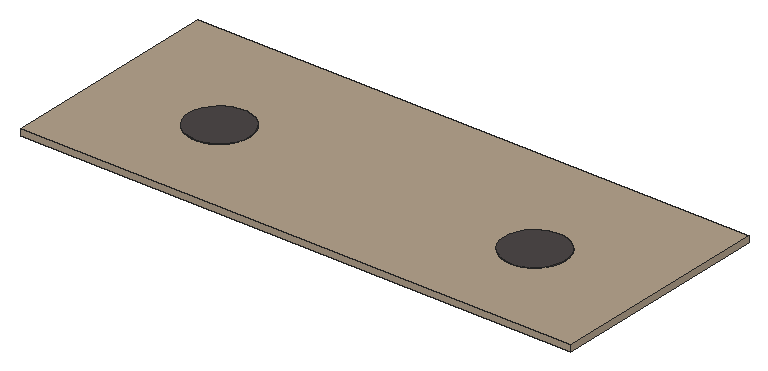
Revit family "console with 2 cutout for bowl without tap hole", category Furniture, Revit 2019 (continued)
Definition of nested family "console 1560_550 with 2 cutouts for bowl without tap hole-54119630-dark_walnut-200_content"
  Parameters (values of type "Console 1560_550 with 2 cutouts for bowl without tap hole-54119630-DARK_WALNUT-200_Content")
    NB = "Console 1560/550 with 2 cutouts for bowl without tap hole-54119630-DARK_WALNUT-200"
    NAME = "Xelu Q Console 1560/550 with 2 cutouts for bowl without tap hole"
    Model = "Console 1560/550 with 2 cutouts for bowl without tap hole-54119630-DARK_WALNUT-200"
    Manufacturer = "Hansgrohe"
    MASTERFORMAT = "12 35 30.23 | Bathroom Casework"
    LODLEVEL = "200"
    LINA = "Console 1560/550 with 2 cutouts for bowl without tap hole-54119630-DARK_WALNUT-200"
    LC = 490
    L = 1560
    IFC = "Furnishing element"
    GTINCODE = "4059625457696"
    ETIM = "EC011381 | Bathroom furniture set"
    Default Elevation = 1219.2 mm
    DESIGN = "Germany"
    ContentVisible [instance] = yes
    CATALOG = "Hansgrohe"
    BIMOBJECT = "Sanitary: Compound units"
    BASENUMBER = "Console 1560/550 with 2 cutouts for bowl without tap hole"
    ARTNR = "54119630"
  Reference planes
    plane 1 "Center (Front/Back)": y = 0
    plane 2: z = 0
    plane 3 "Center (Left/Right)": x = 0
  Forms (mm)
    Extrusion 1, solid, visible <- "ContentVisible", detail levels medium+fine
      sketch origin (0, 0, 0.5) x (1, 0, 0) y (0, 1, 0)
        loop
          line (-780, 0) -> (-780, -550) -> (780, -550) -> (780, 0) -> (-780, 0)
      from 0 to 15
    Extrusion 2, solid, visible <- "ContentVisible", detail levels medium+fine
      sketch origin (0, 0, 0) x (1, 0, 0) y (0, 1, 0)
        loop
          circle (490, -297.5) r 75
      from 0 to 16
    Extrusion 3, solid, visible <- "ContentVisible", detail levels medium+fine
      sketch origin (0, 0, 0) x (1, 0, 0) y (0, 1, 0)
        loop
          circle (-490, -297.5) r 75
      from 0 to 16
    Extrusion 4, solid, visible <- "ContentVisible", detail levels coarse
      sketch origin (0, -275, 0) x (1, 0, 0) y (0, 1, 0)
        loop
          line (-780, -275) -> (780, -275) -> (780, 275) -> (-780, 275) -> (-780, -275)
      from 0 to 16
  Dimensions and locks
    aligned and locked: level to plane 2
Definition of nested family "console 1560_550 with 2 cutouts for bowl without tap hole-54119630-dark_walnut-400_content"
  Parameters (values of type "Console 1560_550 with 2 cutouts for bowl without tap hole-54119630-DARK_WALNUT-400_Content")
    WEIGHT = "13.3"
    UNSPSC = "56 | Furniture and Furnishings"
    UNIFORMATII = "E2010 | Fixed Furnishings"
    UNICLASS2015 = "Pr_40_20_76_94 | Vanity units"
    SURFACE = "DARK_WALNUT"
    SPECIFICATION = "Surfaces:    - 54119050 High Gloss White  - 54119910 Diamond Matt Grey  - 54119230 Natural Oak  - 54119630 Dark Walnut      Specification:"
    REGIONSET = "Worldwide"
    R = 75
    PRODUCTURL = "https://pro.hansgrohe.com/articledetail--54119050"
    PRODUCTGROUP = "console"
    PRODUCTFAMILY = "Xelu Q"
    PERMALINK = "54119XXX"
    OMNICLASS = "23-19 31 17 11 | Bathroom Units"
    OBJECTTYPE = "Object (single object)"
    NN = "Console with 2 cutout for bowl without tap hole"
    NBSYN = "$BASENUMBER.-$ARTNR.-$SURFACE.-$LODLEVEL."
    NB = "Console 1560/550 with 2 cutouts for bowl without tap hole-54119630-DARK_WALNUT-400"
    NAME = "Xelu Q Console 1560/550 with 2 cutouts for bowl without tap hole"
    Model = "Console 1560/550 with 2 cutouts for bowl without tap hole-54119630-DARK_WALNUT-400"
    Manufacturer = "Hansgrohe"
    MASTERFORMAT = "12 35 30.23 | Bathroom Casework"
    LODLEVEL = "400"
    LINA = "Console 1560/550 with 2 cutouts for bowl without tap hole-54119630-DARK_WALNUT-400"
    LC = 490
    L = 1560
    IFC = "Furnishing element"
    GTINCODE = "4059625457696"
    ETIM = "EC011381 | Bathroom furniture set"
    Default Elevation = 1219.2 mm
    DESIGN = "Germany"
    ContentVisible [instance] = yes
    CATALOG = "Hansgrohe"
    BIMOBJECT = "Sanitary: Compound units"
    BASENUMBER = "Console 1560/550 with 2 cutouts for bowl without tap hole"
    ARTNR = "54119630"
  Reference planes
    plane 1 "Center (Front/Back)": y = 0
    plane 2: z = 0
    plane 3 "Center (Left/Right)": x = 0
  Forms (mm)
    Extrusion 1, solid, visible <- "ContentVisible", detail levels medium+fine
      sketch origin (0, 0, 0) x (1, 0, 0) y (0, 1, 0)
        loop
          line (-780, 0) -> (-780, -297.5) -> (-662, -297.5) -> (-662, -260)
          arc (-662, -260) -> (-655, -253) -> (-648, -260) r 7
          line (-648, -260) -> (-648, -297.5) -> (-565, -297.5)
          arc (-565, -297.5) -> (-490, -222.5) -> (-415, -297.5) r 75
          line (-415, -297.5) -> (-332, -297.5) -> (-332, -260)
          arc (-332, -260) -> (-325, -253) -> (-318, -260) r 7
          line (-318, -260) -> (-318, -297.5) -> (318, -297.5) -> (318, -260)
          arc (318, -260) -> (325, -253) -> (332, -260) r 7
          line (332, -260) -> (332, -297.5) -> (415, -297.5)
          arc (415, -297.5) -> (490, -222.5) -> (565, -297.5) r 75
          line (565, -297.5) -> (648, -297.5) -> (648, -260)
          arc (648, -260) -> (655, -253) -> (662, -260) r 7
          line (662, -260) -> (662, -297.5) -> (780, -297.5) -> (780, 0) -> (-780, 0)
      from 0 to 16
    Extrusion 2, solid, visible <- "ContentVisible", detail levels medium+fine
      sketch origin (0, 0, 0) x (1, 0, 0) y (0, 1, 0)
        loop
          line (-780, -297.5) -> (-780, -532)
          arc (-780, -532) -> (-774.728, -544.728) -> (-762, -550) r 18
          line (-762, -550) -> (762, -550)
          arc (762, -550) -> (774.728, -544.728) -> (780, -532) r 18
          line (780, -532) -> (780, -297.5) -> (662, -297.5) -> (662, -335)
          arc (662, -335) -> (655, -342) -> (648, -335) r 7
          line (648, -335) -> (648, -297.5) -> (565, -297.5)
          arc (565, -297.5) -> (490, -372.5) -> (415, -297.5) r 75
          line (415, -297.5) -> (332, -297.5) -> (332, -335)
          arc (332, -335) -> (325, -342) -> (318, -335) r 7
          line (318, -335) -> (318, -297.5) -> (-318, -297.5) -> (-318, -335)
          arc (-318, -335) -> (-325, -342) -> (-332, -335) r 7
          line (-332, -335) -> (-332, -297.5) -> (-415, -297.5)
          arc (-415, -297.5) -> (-490, -372.5) -> (-565, -297.5) r 75
          line (-565, -297.5) -> (-648, -297.5) -> (-648, -335)
          arc (-648, -335) -> (-655, -342) -> (-662, -335) r 7
          line (-662, -335) -> (-662, -297.5) -> (-780, -297.5)
      from 0 to 16
    Extrusion 3, solid, visible <- "ContentVisible", detail levels coarse
      sketch origin (0, -275, 0) x (1, 0, 0) y (0, 1, 0)
        loop
          line (-780, -275) -> (780, -275) -> (780, 275) -> (-780, 275) -> (-780, -275)
      from 0 to 16
  Dimensions and locks
    aligned and locked: level to plane 2
Definition of nested family "console 1560_550 with 2 cutouts for bowl without tap hole-54119910-diamond_grey-200_content"
  Parameters (values of type "Console 1560_550 with 2 cutouts for bowl without tap hole-54119910-DIAMOND_GREY-200_Content")
    WEIGHT = "13.3"
    UNSPSC = "56 | Furniture and Furnishings"
    UNIFORMATII = "E2010 | Fixed Furnishings"
    UNICLASS2015 = "Pr_40_20_76_94 | Vanity units"
    SURFACE = "DIAMOND_GREY"
    SPECIFICATION = "Surfaces:    - 54119050 High Gloss White  - 54119910 Diamond Matt Grey  - 54119230 Natural Oak  - 54119630 Dark Walnut      Specification:"
    REGIONSET = "Worldwide"
    R = 75
    PRODUCTURL = "https://pro.hansgrohe.com/articledetail--54119050"
    PRODUCTGROUP = "console"
    PRODUCTFAMILY = "Xelu Q"
    PERMALINK = "54119XXX"
    OMNICLASS = "23-19 31 17 11 | Bathroom Units"
    OBJECTTYPE = "Object (single object)"
    NN = "Console with 2 cutout for bowl without tap hole"
    NBSYN = "$BASENUMBER.-$ARTNR.-$SURFACE.-$LODLEVEL."
    NB = "Console 1560/550 with 2 cutouts for bowl without tap hole-54119910-DIAMOND_GREY-200"
    NAME = "Xelu Q Console 1560/550 with 2 cutouts for bowl without tap hole"
    Model = "Console 1560/550 with 2 cutouts for bowl without tap hole-54119910-DIAMOND_GREY-200"
    Manufacturer = "Hansgrohe"
    MASTERFORMAT = "12 35 30.23 | Bathroom Casework"
    LODLEVEL = "200"
    LINA = "Console 1560/550 with 2 cutouts for bowl without tap hole-54119910-DIAMOND_GREY-200"
    LC = 490
    L = 1560
    IFC = "Furnishing element"
    GTINCODE = "4059625457696"
    ETIM = "EC011381 | Bathroom furniture set"
    Default Elevation = 1219.2 mm
    DESIGN = "Germany"
    ContentVisible [instance] = yes
    CATALOG = "Hansgrohe"
    BIMOBJECT = "Sanitary: Compound units"
    BASENUMBER = "Console 1560/550 with 2 cutouts for bowl without tap hole"
    ARTNR = "54119910"
  Reference planes
    plane 1 "Center (Front/Back)": y = 0
    plane 2: z = 0
    plane 3 "Center (Left/Right)": x = 0
  Forms (mm)
    Extrusion 1, solid, visible <- "ContentVisible", detail levels medium+fine
      sketch origin (0, 0, 0.5) x (1, 0, 0) y (0, 1, 0)
        loop
          line (-780, 0) -> (-780, -550) -> (780, -550) -> (780, 0) -> (-780, 0)
      from 0 to 15
    Extrusion 2, solid, visible <- "ContentVisible", detail levels medium+fine
      sketch origin (0, 0, 0) x (1, 0, 0) y (0, 1, 0)
        loop
          circle (490, -297.5) r 75
      from 0 to 16
    Extrusion 3, solid, visible <- "ContentVisible", detail levels medium+fine
      sketch origin (0, 0, 0) x (1, 0, 0) y (0, 1, 0)
        loop
          circle (-490, -297.5) r 75
      from 0 to 16
    Extrusion 4, solid, visible <- "ContentVisible", detail levels coarse
      sketch origin (0, -275, 0) x (1, 0, 0) y (0, 1, 0)
        loop
          line (-780, -275) -> (780, -275) -> (780, 275) -> (-780, 275) -> (-780, -275)
      from 0 to 16
  Dimensions and locks
    aligned and locked: level to plane 2
Definition of nested family "console 1560_550 with 2 cutouts for bowl without tap hole-54119910-diamond_grey-400_content"
  Parameters (values of type "Console 1560_550 with 2 cutouts for bowl without tap hole-54119910-DIAMOND_GREY-400_Content")
    WEIGHT = "13.3"
    UNSPSC = "56 | Furniture and Furnishings"
    UNIFORMATII = "E2010 | Fixed Furnishings"
    UNICLASS2015 = "Pr_40_20_76_94 | Vanity units"
    SURFACE = "DIAMOND_GREY"
    SPECIFICATION = "Surfaces:    - 54119050 High Gloss White  - 54119910 Diamond Matt Grey  - 54119230 Natural Oak  - 54119630 Dark Walnut      Specification:"
    REGIONSET = "Worldwide"
    R = 75
    PRODUCTURL = "https://pro.hansgrohe.com/articledetail--54119050"
    PRODUCTGROUP = "console"
    PRODUCTFAMILY = "Xelu Q"
    PERMALINK = "54119XXX"
    OMNICLASS = "23-19 31 17 11 | Bathroom Units"
    OBJECTTYPE = "Object (single object)"
    NN = "Console with 2 cutout for bowl without tap hole"
    NBSYN = "$BASENUMBER.-$ARTNR.-$SURFACE.-$LODLEVEL."
    NB = "Console 1560/550 with 2 cutouts for bowl without tap hole-54119910-DIAMOND_GREY-400"
    NAME = "Xelu Q Console 1560/550 with 2 cutouts for bowl without tap hole"
    Model = "Console 1560/550 with 2 cutouts for bowl without tap hole-54119910-DIAMOND_GREY-400"
    Manufacturer = "Hansgrohe"
    MASTERFORMAT = "12 35 30.23 | Bathroom Casework"
    LODLEVEL = "400"
    LINA = "Console 1560/550 with 2 cutouts for bowl without tap hole-54119910-DIAMOND_GREY-400"
    LC = 490
    L = 1560
    IFC = "Furnishing element"
    GTINCODE = "4059625457696"
    ETIM = "EC011381 | Bathroom furniture set"
    Default Elevation = 1219.2 mm
    DESIGN = "Germany"
    ContentVisible [instance] = yes
    CATALOG = "Hansgrohe"
    BIMOBJECT = "Sanitary: Compound units"
    BASENUMBER = "Console 1560/550 with 2 cutouts for bowl without tap hole"
    ARTNR = "54119910"
  Reference planes
    plane 1 "Center (Front/Back)": y = 0
    plane 2: z = 0
    plane 3 "Center (Left/Right)": x = 0
  Forms (mm)
    Extrusion 1, solid, visible <- "ContentVisible", detail levels medium+fine
      sketch origin (0, 0, 0) x (1, 0, 0) y (0, 1, 0)
        loop
          line (-780, 0) -> (-780, -297.5) -> (-662, -297.5) -> (-662, -260)
          arc (-662, -260) -> (-655, -253) -> (-648, -260) r 7
          line (-648, -260) -> (-648, -297.5) -> (-565, -297.5)
          arc (-565, -297.5) -> (-490, -222.5) -> (-415, -297.5) r 75
          line (-415, -297.5) -> (-332, -297.5) -> (-332, -260)
          arc (-332, -260) -> (-325, -253) -> (-318, -260) r 7
          line (-318, -260) -> (-318, -297.5) -> (318, -297.5) -> (318, -260)
          arc (318, -260) -> (325, -253) -> (332, -260) r 7
          line (332, -260) -> (332, -297.5) -> (415, -297.5)
          arc (415, -297.5) -> (490, -222.5) -> (565, -297.5) r 75
          line (565, -297.5) -> (648, -297.5) -> (648, -260)
          arc (648, -260) -> (655, -253) -> (662, -260) r 7
          line (662, -260) -> (662, -297.5) -> (780, -297.5) -> (780, 0) -> (-780, 0)
      from 0 to 16
    Extrusion 2, solid, visible <- "ContentVisible", detail levels medium+fine
      sketch origin (0, 0, 0) x (1, 0, 0) y (0, 1, 0)
        loop
          line (-780, -297.5) -> (-780, -532)
          arc (-780, -532) -> (-774.728, -544.728) -> (-762, -550) r 18
          line (-762, -550) -> (762, -550)
          arc (762, -550) -> (774.728, -544.728) -> (780, -532) r 18
          line (780, -532) -> (780, -297.5) -> (662, -297.5) -> (662, -335)
          arc (662, -335) -> (655, -342) -> (648, -335) r 7
          line (648, -335) -> (648, -297.5) -> (565, -297.5)
          arc (565, -297.5) -> (490, -372.5) -> (415, -297.5) r 75
          line (415, -297.5) -> (332, -297.5) -> (332, -335)
          arc (332, -335) -> (325, -342) -> (318, -335) r 7
          line (318, -335) -> (318, -297.5) -> (-318, -297.5) -> (-318, -335)
          arc (-318, -335) -> (-325, -342) -> (-332, -335) r 7
          line (-332, -335) -> (-332, -297.5) -> (-415, -297.5)
          arc (-415, -297.5) -> (-490, -372.5) -> (-565, -297.5) r 75
          line (-565, -297.5) -> (-648, -297.5) -> (-648, -335)
          arc (-648, -335) -> (-655, -342) -> (-662, -335) r 7
          line (-662, -335) -> (-662, -297.5) -> (-780, -297.5)
      from 0 to 16
    Extrusion 3, solid, visible <- "ContentVisible", detail levels coarse
      sketch origin (0, -275, 0) x (1, 0, 0) y (0, 1, 0)
        loop
          line (-780, -275) -> (780, -275) -> (780, 275) -> (-780, 275) -> (-780, -275)
      from 0 to 16
  Dimensions and locks
    aligned and locked: level to plane 2
Types (16, lengths in mm): name | WEIGHT | SURFACE | SPECIFICATION | PRODUCTURL | PERMALINK | NB | NAME | Model | MIdent | LODLEVEL | LINA | LC | L | GTINCODE | Console 1560_550 with 2 cutouts for bowl without tap hole-54119910-DIAMOND_GREY-400_RX0RY0RZ0TX0TY0TZ0_V | Console 1560_550 with 2 cutouts for bowl without tap hole-54119910-DIAMOND_GREY-200_RX0RY0RZ0TX0TY0TZ0_V | Console 1560_550 with 2 cutouts for bowl without tap hole-54119630-DARK_WALNUT-400_RX0RY0RZ0TX0TY0TZ0_V | Console 1560_550 with 2 cutouts for bowl without tap hole-54119630-DARK_WALNUT-200_RX0RY0RZ0TX0TY0TZ0_V | Console 1560_550 with 2 cutouts for bowl without tap hole-54119230-NATURAL_OAK-400_RX0RY0RZ0TX0TY0TZ0_V | Console 1560_550 with 2 cutouts for bowl without tap hole-54119230-NATURAL_OAK-200_RX0RY0RZ0TX0TY0TZ0_V | Console 1560_550 with 2 cutouts for bowl without tap hole-54119050-GLOSSY_WHITE-400_RX0RY0RZ0TX0TY0TZ0_V | Console 1560_550 with 2 cutouts for bowl without tap hole-54119050-GLOSSY_WHITE-200_RX0RY0RZ0TX0TY0TZ0_V | Console 1360_550 with 2 cutouts for bowl without tap hole-54118910-DIAMOND_GREY-400_RX0RY0RZ0TX0TY0TZ0_V | Console 1360_550 with 2 cutouts for bowl without tap hole-54118910-DIAMOND_GREY-200_RX0RY0RZ0TX0TY0TZ0_V | Console 1360_550 with 2 cutouts for bowl without tap hole-54118630-DARK_WALNUT-400_RX0RY0RZ0TX0TY0TZ0_V | Console 1360_550 with 2 cutouts for bowl without tap hole-54118630-DARK_WALNUT-200_RX0RY0RZ0TX0TY0TZ0_V | Console 1360_550 with 2 cutouts for bowl without tap hole-54118230-NATURAL_OAK-400_RX0RY0RZ0TX0TY0TZ0_V | Console 1360_550 with 2 cutouts for bowl without tap hole-54118230-NATURAL_OAK-200_RX0RY0RZ0TX0TY0TZ0_V | Console 1360_550 with 2 cutouts for bowl without tap hole-54118050-GLOSSY_WHITE-400_RX0RY0RZ0TX0TY0TZ0_V | Console 1360_550 with 2 cutouts for bowl without tap hole-54118050-GLOSSY_WHITE-200_RX0RY0RZ0TX0TY0TZ0_V | BASENUMBER | ARTNR
  Console 1360_550 with 2 cutouts for bowl without tap hole-54118050-GLOSSY_WHITE-200 | "12" | "GLOSSY_WHITE" | "Surfaces:    - 54118050 High Gloss White  - 54118910 Diamond Matt Grey  - 54118230 Natural Oak  - 54118630 Dark Walnut      Specification:" | "https://pro.hansgrohe.com/articledetail--54118050" | "54118XXX" | "Console 1360/550 with 2 cutouts for bowl without tap hole-54118050-GLOSSY_WHITE-200" | "Xelu Q Console 1360/550 with 2 cutouts for bowl without tap hole" | "Console 1360/550 with 2 cutouts for bowl without tap hole-54118050-GLOSSY_WHITE-200" | "{$CADENAS_DATA/23d-libs/hansgrohe/xelu_furniture/console_with_cutout_for_bowl_without_tap_hole/console_with_2_cutout_for_bowl_without_taphole.prj},355 {VTYP=3D},{NB=Console 1360/550 with 2 cutouts for bowl without tap hole-54118050-GLOSSY_WHITE-200},{LINA=Console 1360/550 with 2 cutouts for bowl without tap hole-54118050-GLOSSY_WHITE-200},{NN=Console with 2 cutout for bowl without tap hole},{DATE=10.03.2023 08:15:32},{GEOMDATE=08.03.2023 13:15:05},{VERSION=},{LINEID=10},{WBVAR=LODLEVEL},{WBNUMERIC=}  {NB=Console 1360/550 with 2 cutouts for bowl without tap hole-54118050-GLOSSY_WHITE-200},{LINA=Console 1360/550 with 2 cutouts for bowl without tap hole-54118050-GLOSSY_WHITE-200},{KT=DUMMY},{IDNR=1},{ARTNR=54118050},{BASENUMBER=Console 1360/550 with 2 cutouts for bowl without tap hole},{MODEL=54118XXX},{SURFACE=GLOSSY_WHITE},{L=1360},{LODLEVEL=200},{LODLEVELX='400','400','200','200'},{R=75},{LC=390},{NAME=Xelu Q Console 1360/550 with 2 cutouts for bowl without tap hole},{PERMALINK=54118XXX},{OBJECTTYPE=Object (single object)},{BIMOBJECT=Sanitary: Compound units},{PRODUCTFAMILY=Xelu Q},{PRODUCTGROUP=console},{WEIGHT=12},{DESCRIPTION=Xelu Q Console 1360/550 with 2 cutouts for bowl without tap hole},{SPECIFICATION=Surfaces:    - 54118050 High Gloss White  - 54118910 Diamond Matt Grey  - 54118230 Natural Oak  - 54118630 Dark Walnut      Specification:},{PRODUCTURL=https://pro.hansgrohe.com/articledetail--54118050},{GTINCODE=4059625457733},{TENDERURL=},{IFC=Furnishing element},{ETIM=EC011381 | Bathroom furniture set},{UNICLASS2015=Pr_40_20_76_94 | Vanity units},{OMNICLASS=23-19 31 17 11 | Bathroom Units},{MASTERFORMAT=12 35 30.23 | Bathroom Casework},{UNSPSC=56 | Furniture and Furnishings},{UNIFORMATII=E2010 | Fixed Furnishings},{REGIONSET=Worldwide},{DESIGN=Germany},{MANUFACTURER=Germany}" | "200" | "Console 1360/550 with 2 cutouts for bowl without tap hole-54118050-GLOSSY_WHITE-200" | 390 | 1360 | "4059625457733" | no | no | no | no | no | no | no | no | no | no | no | no | no | no | no | yes | "Console 1360/550 with 2 cutouts for bowl without tap hole" | "54118050"
  Console 1360_550 with 2 cutouts for bowl without tap hole-54118050-GLOSSY_WHITE-400 | "12" | "GLOSSY_WHITE" | "Surfaces:    - 54118050 High Gloss White  - 54118910 Diamond Matt Grey  - 54118230 Natural Oak  - 54118630 Dark Walnut      Specification:" | "https://pro.hansgrohe.com/articledetail--54118050" | "54118XXX" | "Console 1360/550 with 2 cutouts for bowl without tap hole-54118050-GLOSSY_WHITE-400" | "Xelu Q Console 1360/550 with 2 cutouts for bowl without tap hole" | "Console 1360/550 with 2 cutouts for bowl without tap hole-54118050-GLOSSY_WHITE-400" | "{$CADENAS_DATA/23d-libs/hansgrohe/xelu_furniture/console_with_cutout_for_bowl_without_tap_hole/console_with_2_cutout_for_bowl_without_taphole.prj},355 {VTYP=3D},{NB=Console 1360/550 with 2 cutouts for bowl without tap hole-54118050-GLOSSY_WHITE-400},{LINA=Console 1360/550 with 2 cutouts for bowl without tap hole-54118050-GLOSSY_WHITE-400},{NN=Console with 2 cutout for bowl without tap hole},{DATE=10.03.2023 08:15:32},{GEOMDATE=08.03.2023 13:15:05},{VERSION=},{LINEID=10},{WBVAR=LODLEVEL},{WBNUMERIC=}  {NB=Console 1360/550 with 2 cutouts for bowl without tap hole-54118050-GLOSSY_WHITE-400},{LINA=Console 1360/550 with 2 cutouts for bowl without tap hole-54118050-GLOSSY_WHITE-400},{KT=DUMMY},{IDNR=1},{ARTNR=54118050},{BASENUMBER=Console 1360/550 with 2 cutouts for bowl without tap hole},{MODEL=54118XXX},{SURFACE=GLOSSY_WHITE},{L=1360},{LODLEVEL=400},{LODLEVELX='400','400','200','200'},{R=75},{LC=390},{NAME=Xelu Q Console 1360/550 with 2 cutouts for bowl without tap hole},{PERMALINK=54118XXX},{OBJECTTYPE=Object (single object)},{BIMOBJECT=Sanitary: Compound units},{PRODUCTFAMILY=Xelu Q},{PRODUCTGROUP=console},{WEIGHT=12},{DESCRIPTION=Xelu Q Console 1360/550 with 2 cutouts for bowl without tap hole},{SPECIFICATION=Surfaces:    - 54118050 High Gloss White  - 54118910 Diamond Matt Grey  - 54118230 Natural Oak  - 54118630 Dark Walnut      Specification:},{PRODUCTURL=https://pro.hansgrohe.com/articledetail--54118050},{GTINCODE=4059625457733},{TENDERURL=},{IFC=Furnishing element},{ETIM=EC011381 | Bathroom furniture set},{UNICLASS2015=Pr_40_20_76_94 | Vanity units},{OMNICLASS=23-19 31 17 11 | Bathroom Units},{MASTERFORMAT=12 35 30.23 | Bathroom Casework},{UNSPSC=56 | Furniture and Furnishings},{UNIFORMATII=E2010 | Fixed Furnishings},{REGIONSET=Worldwide},{DESIGN=Germany},{MANUFACTURER=Germany}" | "400" | "Console 1360/550 with 2 cutouts for bowl without tap hole-54118050-GLOSSY_WHITE-400" | 390 | 1360 | "4059625457733" | no | no | no | no | no | no | no | no | no | no | no | no | no | no | yes | no | "Console 1360/550 with 2 cutouts for bowl without tap hole" | "54118050"
  Console 1360_550 with 2 cutouts for bowl without tap hole-54118230-NATURAL_OAK-200 | "12" | "NATURAL_OAK" | "Surfaces:    - 54118050 High Gloss White  - 54118910 Diamond Matt Grey  - 54118230 Natural Oak  - 54118630 Dark Walnut      Specification:" | "https://pro.hansgrohe.com/articledetail--54118050" | "54118XXX" | "Console 1360/550 with 2 cutouts for bowl without tap hole-54118230-NATURAL_OAK-200" | "Xelu Q Console 1360/550 with 2 cutouts for bowl without tap hole" | "Console 1360/550 with 2 cutouts for bowl without tap hole-54118230-NATURAL_OAK-200" | "{$CADENAS_DATA/23d-libs/hansgrohe/xelu_furniture/console_with_cutout_for_bowl_without_tap_hole/console_with_2_cutout_for_bowl_without_taphole.prj},353 {VTYP=3D},{NB=Console 1360/550 with 2 cutouts for bowl without tap hole-54118230-NATURAL_OAK-200},{LINA=Console 1360/550 with 2 cutouts for bowl without tap hole-54118230-NATURAL_OAK-200},{NN=Console with 2 cutout for bowl without tap hole},{DATE=10.03.2023 08:15:32},{GEOMDATE=08.03.2023 13:15:05},{VERSION=},{LINEID=20},{WBVAR=LODLEVEL},{WBNUMERIC=}  {NB=Console 1360/550 with 2 cutouts for bowl without tap hole-54118230-NATURAL_OAK-200},{LINA=Console 1360/550 with 2 cutouts for bowl without tap hole-54118230-NATURAL_OAK-200},{KT=DUMMY},{IDNR=2},{ARTNR=54118230},{BASENUMBER=Console 1360/550 with 2 cutouts for bowl without tap hole},{MODEL=54118XXX},{SURFACE=NATURAL_OAK},{L=1360},{LODLEVEL=200},{LODLEVELX='400','400','200','200'},{R=75},{LC=390},{NAME=Xelu Q Console 1360/550 with 2 cutouts for bowl without tap hole},{PERMALINK=54118XXX},{OBJECTTYPE=Object (single object)},{BIMOBJECT=Sanitary: Compound units},{PRODUCTFAMILY=Xelu Q},{PRODUCTGROUP=console},{WEIGHT=12},{DESCRIPTION=Xelu Q Console 1360/550 with 2 cutouts for bowl without tap hole},{SPECIFICATION=Surfaces:    - 54118050 High Gloss White  - 54118910 Diamond Matt Grey  - 54118230 Natural Oak  - 54118630 Dark Walnut      Specification:},{PRODUCTURL=https://pro.hansgrohe.com/articledetail--54118050},{GTINCODE=4059625457733},{TENDERURL=},{IFC=Furnishing element},{ETIM=EC011381 | Bathroom furniture set},{UNICLASS2015=Pr_40_20_76_94 | Vanity units},{OMNICLASS=23-19 31 17 11 | Bathroom Units},{MASTERFORMAT=12 35 30.23 | Bathroom Casework},{UNSPSC=56 | Furniture and Furnishings},{UNIFORMATII=E2010 | Fixed Furnishings},{REGIONSET=Worldwide},{DESIGN=Germany},{MANUFACTURER=Germany}" | "200" | "Console 1360/550 with 2 cutouts for bowl without tap hole-54118230-NATURAL_OAK-200" | 390 | 1360 | "4059625457733" | no | no | no | no | no | no | no | no | no | no | no | no | no | yes | no | no | "Console 1360/550 with 2 cutouts for bowl without tap hole" | "54118230"
  Console 1360_550 with 2 cutouts for bowl without tap hole-54118230-NATURAL_OAK-400 | "12" | "NATURAL_OAK" | "Surfaces:    - 54118050 High Gloss White  - 54118910 Diamond Matt Grey  - 54118230 Natural Oak  - 54118630 Dark Walnut      Specification:" | "https://pro.hansgrohe.com/articledetail--54118050" | "54118XXX" | "Console 1360/550 with 2 cutouts for bowl without tap hole-54118230-NATURAL_OAK-400" | "Xelu Q Console 1360/550 with 2 cutouts for bowl without tap hole" | "Console 1360/550 with 2 cutouts for bowl without tap hole-54118230-NATURAL_OAK-400" | "{$CADENAS_DATA/23d-libs/hansgrohe/xelu_furniture/console_with_cutout_for_bowl_without_tap_hole/console_with_2_cutout_for_bowl_without_taphole.prj},353 {VTYP=3D},{NB=Console 1360/550 with 2 cutouts for bowl without tap hole-54118230-NATURAL_OAK-400},{LINA=Console 1360/550 with 2 cutouts for bowl without tap hole-54118230-NATURAL_OAK-400},{NN=Console with 2 cutout for bowl without tap hole},{DATE=10.03.2023 08:15:32},{GEOMDATE=08.03.2023 13:15:05},{VERSION=},{LINEID=20},{WBVAR=LODLEVEL},{WBNUMERIC=}  {NB=Console 1360/550 with 2 cutouts for bowl without tap hole-54118230-NATURAL_OAK-400},{LINA=Console 1360/550 with 2 cutouts for bowl without tap hole-54118230-NATURAL_OAK-400},{KT=DUMMY},{IDNR=2},{ARTNR=54118230},{BASENUMBER=Console 1360/550 with 2 cutouts for bowl without tap hole},{MODEL=54118XXX},{SURFACE=NATURAL_OAK},{L=1360},{LODLEVEL=400},{LODLEVELX='400','400','200','200'},{R=75},{LC=390},{NAME=Xelu Q Console 1360/550 with 2 cutouts for bowl without tap hole},{PERMALINK=54118XXX},{OBJECTTYPE=Object (single object)},{BIMOBJECT=Sanitary: Compound units},{PRODUCTFAMILY=Xelu Q},{PRODUCTGROUP=console},{WEIGHT=12},{DESCRIPTION=Xelu Q Console 1360/550 with 2 cutouts for bowl without tap hole},{SPECIFICATION=Surfaces:    - 54118050 High Gloss White  - 54118910 Diamond Matt Grey  - 54118230 Natural Oak  - 54118630 Dark Walnut      Specification:},{PRODUCTURL=https://pro.hansgrohe.com/articledetail--54118050},{GTINCODE=4059625457733},{TENDERURL=},{IFC=Furnishing element},{ETIM=EC011381 | Bathroom furniture set},{UNICLASS2015=Pr_40_20_76_94 | Vanity units},{OMNICLASS=23-19 31 17 11 | Bathroom Units},{MASTERFORMAT=12 35 30.23 | Bathroom Casework},{UNSPSC=56 | Furniture and Furnishings},{UNIFORMATII=E2010 | Fixed Furnishings},{REGIONSET=Worldwide},{DESIGN=Germany},{MANUFACTURER=Germany}" | "400" | "Console 1360/550 with 2 cutouts for bowl without tap hole-54118230-NATURAL_OAK-400" | 390 | 1360 | "4059625457733" | no | no | no | no | no | no | no | no | no | no | no | no | yes | no | no | no | "Console 1360/550 with 2 cutouts for bowl without tap hole" | "54118230"
  Console 1360_550 with 2 cutouts for bowl without tap hole-54118630-DARK_WALNUT-200 | "12" | "DARK_WALNUT" | "Surfaces:    - 54118050 High Gloss White  - 54118910 Diamond Matt Grey  - 54118230 Natural Oak  - 54118630 Dark Walnut      Specification:" | "https://pro.hansgrohe.com/articledetail--54118050" | "54118XXX" | "Console 1360/550 with 2 cutouts for bowl without tap hole-54118630-DARK_WALNUT-200" | "Xelu Q Console 1360/550 with 2 cutouts for bowl without tap hole" | "Console 1360/550 with 2 cutouts for bowl without tap hole-54118630-DARK_WALNUT-200" | "{$CADENAS_DATA/23d-libs/hansgrohe/xelu_furniture/console_with_cutout_for_bowl_without_tap_hole/console_with_2_cutout_for_bowl_without_taphole.prj},353 {VTYP=3D},{NB=Console 1360/550 with 2 cutouts for bowl without tap hole-54118630-DARK_WALNUT-200},{LINA=Console 1360/550 with 2 cutouts for bowl without tap hole-54118630-DARK_WALNUT-200},{NN=Console with 2 cutout for bowl without tap hole},{DATE=10.03.2023 08:15:32},{GEOMDATE=08.03.2023 13:15:05},{VERSION=},{LINEID=30},{WBVAR=LODLEVEL},{WBNUMERIC=}  {NB=Console 1360/550 with 2 cutouts for bowl without tap hole-54118630-DARK_WALNUT-200},{LINA=Console 1360/550 with 2 cutouts for bowl without tap hole-54118630-DARK_WALNUT-200},{KT=DUMMY},{IDNR=3},{ARTNR=54118630},{BASENUMBER=Console 1360/550 with 2 cutouts for bowl without tap hole},{MODEL=54118XXX},{SURFACE=DARK_WALNUT},{L=1360},{LODLEVEL=200},{LODLEVELX='400','400','200','200'},{R=75},{LC=390},{NAME=Xelu Q Console 1360/550 with 2 cutouts for bowl without tap hole},{PERMALINK=54118XXX},{OBJECTTYPE=Object (single object)},{BIMOBJECT=Sanitary: Compound units},{PRODUCTFAMILY=Xelu Q},{PRODUCTGROUP=console},{WEIGHT=12},{DESCRIPTION=Xelu Q Console 1360/550 with 2 cutouts for bowl without tap hole},{SPECIFICATION=Surfaces:    - 54118050 High Gloss White  - 54118910 Diamond Matt Grey  - 54118230 Natural Oak  - 54118630 Dark Walnut      Specification:},{PRODUCTURL=https://pro.hansgrohe.com/articledetail--54118050},{GTINCODE=4059625457733},{TENDERURL=},{IFC=Furnishing element},{ETIM=EC011381 | Bathroom furniture set},{UNICLASS2015=Pr_40_20_76_94 | Vanity units},{OMNICLASS=23-19 31 17 11 | Bathroom Units},{MASTERFORMAT=12 35 30.23 | Bathroom Casework},{UNSPSC=56 | Furniture and Furnishings},{UNIFORMATII=E2010 | Fixed Furnishings},{REGIONSET=Worldwide},{DESIGN=Germany},{MANUFACTURER=Germany}" | "200" | "Console 1360/550 with 2 cutouts for bowl without tap hole-54118630-DARK_WALNUT-200" | 390 | 1360 | "4059625457733" | no | no | no | no | no | no | no | no | no | no | no | yes | no | no | no | no | "Console 1360/550 with 2 cutouts for bowl without tap hole" | "54118630"
  Console 1360_550 with 2 cutouts for bowl without tap hole-54118630-DARK_WALNUT-400 | "12" | "DARK_WALNUT" | "Surfaces:    - 54118050 High Gloss White  - 54118910 Diamond Matt Grey  - 54118230 Natural Oak  - 54118630 Dark Walnut      Specification:" | "https://pro.hansgrohe.com/articledetail--54118050" | "54118XXX" | "Console 1360/550 with 2 cutouts for bowl without tap hole-54118630-DARK_WALNUT-400" | "Xelu Q Console 1360/550 with 2 cutouts for bowl without tap hole" | "Console 1360/550 with 2 cutouts for bowl without tap hole-54118630-DARK_WALNUT-400" | "{$CADENAS_DATA/23d-libs/hansgrohe/xelu_furniture/console_with_cutout_for_bowl_without_tap_hole/console_with_2_cutout_for_bowl_without_taphole.prj},353 {VTYP=3D},{NB=Console 1360/550 with 2 cutouts for bowl without tap hole-54118630-DARK_WALNUT-400},{LINA=Console 1360/550 with 2 cutouts for bowl without tap hole-54118630-DARK_WALNUT-400},{NN=Console with 2 cutout for bowl without tap hole},{DATE=10.03.2023 08:15:32},{GEOMDATE=08.03.2023 13:15:05},{VERSION=},{LINEID=30},{WBVAR=LODLEVEL},{WBNUMERIC=}  {NB=Console 1360/550 with 2 cutouts for bowl without tap hole-54118630-DARK_WALNUT-400},{LINA=Console 1360/550 with 2 cutouts for bowl without tap hole-54118630-DARK_WALNUT-400},{KT=DUMMY},{IDNR=3},{ARTNR=54118630},{BASENUMBER=Console 1360/550 with 2 cutouts for bowl without tap hole},{MODEL=54118XXX},{SURFACE=DARK_WALNUT},{L=1360},{LODLEVEL=400},{LODLEVELX='400','400','200','200'},{R=75},{LC=390},{NAME=Xelu Q Console 1360/550 with 2 cutouts for bowl without tap hole},{PERMALINK=54118XXX},{OBJECTTYPE=Object (single object)},{BIMOBJECT=Sanitary: Compound units},{PRODUCTFAMILY=Xelu Q},{PRODUCTGROUP=console},{WEIGHT=12},{DESCRIPTION=Xelu Q Console 1360/550 with 2 cutouts for bowl without tap hole},{SPECIFICATION=Surfaces:    - 54118050 High Gloss White  - 54118910 Diamond Matt Grey  - 54118230 Natural Oak  - 54118630 Dark Walnut      Specification:},{PRODUCTURL=https://pro.hansgrohe.com/articledetail--54118050},{GTINCODE=4059625457733},{TENDERURL=},{IFC=Furnishing element},{ETIM=EC011381 | Bathroom furniture set},{UNICLASS2015=Pr_40_20_76_94 | Vanity units},{OMNICLASS=23-19 31 17 11 | Bathroom Units},{MASTERFORMAT=12 35 30.23 | Bathroom Casework},{UNSPSC=56 | Furniture and Furnishings},{UNIFORMATII=E2010 | Fixed Furnishings},{REGIONSET=Worldwide},{DESIGN=Germany},{MANUFACTURER=Germany}" | "400" | "Console 1360/550 with 2 cutouts for bowl without tap hole-54118630-DARK_WALNUT-400" | 390 | 1360 | "4059625457733" | no | no | no | no | no | no | no | no | no | no | yes | no | no | no | no | no | "Console 1360/550 with 2 cutouts for bowl without tap hole" | "54118630"
  Console 1360_550 with 2 cutouts for bowl without tap hole-54118910-DIAMOND_GREY-200 | "12" | "DIAMOND_GREY" | "Surfaces:    - 54118050 High Gloss White  - 54118910 Diamond Matt Grey  - 54118230 Natural Oak  - 54118630 Dark Walnut      Specification:" | "https://pro.hansgrohe.com/articledetail--54118050" | "54118XXX" | "Console 1360/550 with 2 cutouts for bowl without tap hole-54118910-DIAMOND_GREY-200" | "Xelu Q Console 1360/550 with 2 cutouts for bowl without tap hole" | "Console 1360/550 with 2 cutouts for bowl without tap hole-54118910-DIAMOND_GREY-200" | "{$CADENAS_DATA/23d-libs/hansgrohe/xelu_furniture/console_with_cutout_for_bowl_without_tap_hole/console_with_2_cutout_for_bowl_without_taphole.prj},355 {VTYP=3D},{NB=Console 1360/550 with 2 cutouts for bowl without tap hole-54118910-DIAMOND_GREY-200},{LINA=Console 1360/550 with 2 cutouts for bowl without tap hole-54118910-DIAMOND_GREY-200},{NN=Console with 2 cutout for bowl without tap hole},{DATE=10.03.2023 08:15:32},{GEOMDATE=08.03.2023 13:15:05},{VERSION=},{LINEID=40},{WBVAR=LODLEVEL},{WBNUMERIC=}  {NB=Console 1360/550 with 2 cutouts for bowl without tap hole-54118910-DIAMOND_GREY-200},{LINA=Console 1360/550 with 2 cutouts for bowl without tap hole-54118910-DIAMOND_GREY-200},{KT=DUMMY},{IDNR=4},{ARTNR=54118910},{BASENUMBER=Console 1360/550 with 2 cutouts for bowl without tap hole},{MODEL=54118XXX},{SURFACE=DIAMOND_GREY},{L=1360},{LODLEVEL=200},{LODLEVELX='400','400','200','200'},{R=75},{LC=390},{NAME=Xelu Q Console 1360/550 with 2 cutouts for bowl without tap hole},{PERMALINK=54118XXX},{OBJECTTYPE=Object (single object)},{BIMOBJECT=Sanitary: Compound units},{PRODUCTFAMILY=Xelu Q},{PRODUCTGROUP=console},{WEIGHT=12},{DESCRIPTION=Xelu Q Console 1360/550 with 2 cutouts for bowl without tap hole},{SPECIFICATION=Surfaces:    - 54118050 High Gloss White  - 54118910 Diamond Matt Grey  - 54118230 Natural Oak  - 54118630 Dark Walnut      Specification:},{PRODUCTURL=https://pro.hansgrohe.com/articledetail--54118050},{GTINCODE=4059625457733},{TENDERURL=},{IFC=Furnishing element},{ETIM=EC011381 | Bathroom furniture set},{UNICLASS2015=Pr_40_20_76_94 | Vanity units},{OMNICLASS=23-19 31 17 11 | Bathroom Units},{MASTERFORMAT=12 35 30.23 | Bathroom Casework},{UNSPSC=56 | Furniture and Furnishings},{UNIFORMATII=E2010 | Fixed Furnishings},{REGIONSET=Worldwide},{DESIGN=Germany},{MANUFACTURER=Germany}" | "200" | "Console 1360/550 with 2 cutouts for bowl without tap hole-54118910-DIAMOND_GREY-200" | 390 | 1360 | "4059625457733" | no | no | no | no | no | no | no | no | no | yes | no | no | no | no | no | no | "Console 1360/550 with 2 cutouts for bowl without tap hole" | "54118910"
  Console 1360_550 with 2 cutouts for bowl without tap hole-54118910-DIAMOND_GREY-400 | "12" | "DIAMOND_GREY" | "Surfaces:    - 54118050 High Gloss White  - 54118910 Diamond Matt Grey  - 54118230 Natural Oak  - 54118630 Dark Walnut      Specification:" | "https://pro.hansgrohe.com/articledetail--54118050" | "54118XXX" | "Console 1360/550 with 2 cutouts for bowl without tap hole-54118910-DIAMOND_GREY-400" | "Xelu Q Console 1360/550 with 2 cutouts for bowl without tap hole" | "Console 1360/550 with 2 cutouts for bowl without tap hole-54118910-DIAMOND_GREY-400" | "{$CADENAS_DATA/23d-libs/hansgrohe/xelu_furniture/console_with_cutout_for_bowl_without_tap_hole/console_with_2_cutout_for_bowl_without_taphole.prj},355 {VTYP=3D},{NB=Console 1360/550 with 2 cutouts for bowl without tap hole-54118910-DIAMOND_GREY-400},{LINA=Console 1360/550 with 2 cutouts for bowl without tap hole-54118910-DIAMOND_GREY-400},{NN=Console with 2 cutout for bowl without tap hole},{DATE=10.03.2023 08:15:32},{GEOMDATE=08.03.2023 13:15:05},{VERSION=},{LINEID=40},{WBVAR=LODLEVEL},{WBNUMERIC=}  {NB=Console 1360/550 with 2 cutouts for bowl without tap hole-54118910-DIAMOND_GREY-400},{LINA=Console 1360/550 with 2 cutouts for bowl without tap hole-54118910-DIAMOND_GREY-400},{KT=DUMMY},{IDNR=4},{ARTNR=54118910},{BASENUMBER=Console 1360/550 with 2 cutouts for bowl without tap hole},{MODEL=54118XXX},{SURFACE=DIAMOND_GREY},{L=1360},{LODLEVEL=400},{LODLEVELX='400','400','200','200'},{R=75},{LC=390},{NAME=Xelu Q Console 1360/550 with 2 cutouts for bowl without tap hole},{PERMALINK=54118XXX},{OBJECTTYPE=Object (single object)},{BIMOBJECT=Sanitary: Compound units},{PRODUCTFAMILY=Xelu Q},{PRODUCTGROUP=console},{WEIGHT=12},{DESCRIPTION=Xelu Q Console 1360/550 with 2 cutouts for bowl without tap hole},{SPECIFICATION=Surfaces:    - 54118050 High Gloss White  - 54118910 Diamond Matt Grey  - 54118230 Natural Oak  - 54118630 Dark Walnut      Specification:},{PRODUCTURL=https://pro.hansgrohe.com/articledetail--54118050},{GTINCODE=4059625457733},{TENDERURL=},{IFC=Furnishing element},{ETIM=EC011381 | Bathroom furniture set},{UNICLASS2015=Pr_40_20_76_94 | Vanity units},{OMNICLASS=23-19 31 17 11 | Bathroom Units},{MASTERFORMAT=12 35 30.23 | Bathroom Casework},{UNSPSC=56 | Furniture and Furnishings},{UNIFORMATII=E2010 | Fixed Furnishings},{REGIONSET=Worldwide},{DESIGN=Germany},{MANUFACTURER=Germany}" | "400" | "Console 1360/550 with 2 cutouts for bowl without tap hole-54118910-DIAMOND_GREY-400" | 390 | 1360 | "4059625457733" | no | no | no | no | no | no | no | no | yes | no | no | no | no | no | no | no | "Console 1360/550 with 2 cutouts for bowl without tap hole" | "54118910"
  Console 1560_550 with 2 cutouts for bowl without tap hole-54119050-GLOSSY_WHITE-200 | "13.3" | "GLOSSY_WHITE" | "Surfaces:    - 54119050 High Gloss White  - 54119910 Diamond Matt Grey  - 54119230 Natural Oak  - 54119630 Dark Walnut      Specification:" | "https://pro.hansgrohe.com/articledetail--54119050" | "54119XXX" | "Console 1560/550 with 2 cutouts for bowl without tap hole-54119050-GLOSSY_WHITE-200" | "Xelu Q Console 1560/550 with 2 cutouts for bowl without tap hole" | "Console 1560/550 with 2 cutouts for bowl without tap hole-54119050-GLOSSY_WHITE-200" | "{$CADENAS_DATA/23d-libs/hansgrohe/xelu_furniture/console_with_cutout_for_bowl_without_tap_hole/console_with_2_cutout_for_bowl_without_taphole.prj},355 {VTYP=3D},{NB=Console 1560/550 with 2 cutouts for bowl without tap hole-54119050-GLOSSY_WHITE-200},{LINA=Console 1560/550 with 2 cutouts for bowl without tap hole-54119050-GLOSSY_WHITE-200},{NN=Console with 2 cutout for bowl without tap hole},{DATE=10.03.2023 08:15:32},{GEOMDATE=08.03.2023 13:15:05},{VERSION=},{LINEID=70},{WBVAR=LODLEVEL},{WBNUMERIC=}  {NB=Console 1560/550 with 2 cutouts for bowl without tap hole-54119050-GLOSSY_WHITE-200},{LINA=Console 1560/550 with 2 cutouts for bowl without tap hole-54119050-GLOSSY_WHITE-200},{KT=DUMMY},{IDNR=7},{ARTNR=54119050},{BASENUMBER=Console 1560/550 with 2 cutouts for bowl without tap hole},{MODEL=54119XXX},{SURFACE=GLOSSY_WHITE},{L=1560},{LODLEVEL=200},{LODLEVELX='400','400','200','200'},{R=75},{LC=490},{NAME=Xelu Q Console 1560/550 with 2 cutouts for bowl without tap hole},{PERMALINK=54119XXX},{OBJECTTYPE=Object (single object)},{BIMOBJECT=Sanitary: Compound units},{PRODUCTFAMILY=Xelu Q},{PRODUCTGROUP=console},{WEIGHT=13.3},{DESCRIPTION=Xelu Q Console 1560/550 with 2 cutouts for bowl without tap hole},{SPECIFICATION=Surfaces:    - 54119050 High Gloss White  - 54119910 Diamond Matt Grey  - 54119230 Natural Oak  - 54119630 Dark Walnut      Specification:},{PRODUCTURL=https://pro.hansgrohe.com/articledetail--54119050},{GTINCODE=4059625457696},{TENDERURL=},{IFC=Furnishing element},{ETIM=EC011381 | Bathroom furniture set},{UNICLASS2015=Pr_40_20_76_94 | Vanity units},{OMNICLASS=23-19 31 17 11 | Bathroom Units},{MASTERFORMAT=12 35 30.23 | Bathroom Casework},{UNSPSC=56 | Furniture and Furnishings},{UNIFORMATII=E2010 | Fixed Furnishings},{REGIONSET=Worldwide},{DESIGN=Germany},{MANUFACTURER=Germany}" | "200" | "Console 1560/550 with 2 cutouts for bowl without tap hole-54119050-GLOSSY_WHITE-200" | 490 | 1560 | "4059625457696" | no | no | no | no | no | no | no | yes | no | no | no | no | no | no | no | no | "Console 1560/550 with 2 cutouts for bowl without tap hole" | "54119050"
  Console 1560_550 with 2 cutouts for bowl without tap hole-54119050-GLOSSY_WHITE-400 | "13.3" | "GLOSSY_WHITE" | "Surfaces:    - 54119050 High Gloss White  - 54119910 Diamond Matt Grey  - 54119230 Natural Oak  - 54119630 Dark Walnut      Specification:" | "https://pro.hansgrohe.com/articledetail--54119050" | "54119XXX" | "Console 1560/550 with 2 cutouts for bowl without tap hole-54119050-GLOSSY_WHITE-400" | "Xelu Q Console 1560/550 with 2 cutouts for bowl without tap hole" | "Console 1560/550 with 2 cutouts for bowl without tap hole-54119050-GLOSSY_WHITE-400" | "{$CADENAS_DATA/23d-libs/hansgrohe/xelu_furniture/console_with_cutout_for_bowl_without_tap_hole/console_with_2_cutout_for_bowl_without_taphole.prj},355 {VTYP=3D},{NB=Console 1560/550 with 2 cutouts for bowl without tap hole-54119050-GLOSSY_WHITE-400},{LINA=Console 1560/550 with 2 cutouts for bowl without tap hole-54119050-GLOSSY_WHITE-400},{NN=Console with 2 cutout for bowl without tap hole},{DATE=10.03.2023 08:15:32},{GEOMDATE=08.03.2023 13:15:05},{VERSION=},{LINEID=70},{WBVAR=LODLEVEL},{WBNUMERIC=}  {NB=Console 1560/550 with 2 cutouts for bowl without tap hole-54119050-GLOSSY_WHITE-400},{LINA=Console 1560/550 with 2 cutouts for bowl without tap hole-54119050-GLOSSY_WHITE-400},{KT=DUMMY},{IDNR=7},{ARTNR=54119050},{BASENUMBER=Console 1560/550 with 2 cutouts for bowl without tap hole},{MODEL=54119XXX},{SURFACE=GLOSSY_WHITE},{L=1560},{LODLEVEL=400},{LODLEVELX='400','400','200','200'},{R=75},{LC=490},{NAME=Xelu Q Console 1560/550 with 2 cutouts for bowl without tap hole},{PERMALINK=54119XXX},{OBJECTTYPE=Object (single object)},{BIMOBJECT=Sanitary: Compound units},{PRODUCTFAMILY=Xelu Q},{PRODUCTGROUP=console},{WEIGHT=13.3},{DESCRIPTION=Xelu Q Console 1560/550 with 2 cutouts for bowl without tap hole},{SPECIFICATION=Surfaces:    - 54119050 High Gloss White  - 54119910 Diamond Matt Grey  - 54119230 Natural Oak  - 54119630 Dark Walnut      Specification:},{PRODUCTURL=https://pro.hansgrohe.com/articledetail--54119050},{GTINCODE=4059625457696},{TENDERURL=},{IFC=Furnishing element},{ETIM=EC011381 | Bathroom furniture set},{UNICLASS2015=Pr_40_20_76_94 | Vanity units},{OMNICLASS=23-19 31 17 11 | Bathroom Units},{MASTERFORMAT=12 35 30.23 | Bathroom Casework},{UNSPSC=56 | Furniture and Furnishings},{UNIFORMATII=E2010 | Fixed Furnishings},{REGIONSET=Worldwide},{DESIGN=Germany},{MANUFACTURER=Germany}" | "400" | "Console 1560/550 with 2 cutouts for bowl without tap hole-54119050-GLOSSY_WHITE-400" | 490 | 1560 | "4059625457696" | no | no | no | no | no | no | yes | no | no | no | no | no | no | no | no | no | "Console 1560/550 with 2 cutouts for bowl without tap hole" | "54119050"
  Console 1560_550 with 2 cutouts for bowl without tap hole-54119230-NATURAL_OAK-200 | "13.3" | "NATURAL_OAK" | "Surfaces:    - 54119050 High Gloss White  - 54119910 Diamond Matt Grey  - 54119230 Natural Oak  - 54119630 Dark Walnut      Specification:" | "https://pro.hansgrohe.com/articledetail--54119050" | "54119XXX" | "Console 1560/550 with 2 cutouts for bowl without tap hole-54119230-NATURAL_OAK-200" | "Xelu Q Console 1560/550 with 2 cutouts for bowl without tap hole" | "Console 1560/550 with 2 cutouts for bowl without tap hole-54119230-NATURAL_OAK-200" | "{$CADENAS_DATA/23d-libs/hansgrohe/xelu_furniture/console_with_cutout_for_bowl_without_tap_hole/console_with_2_cutout_for_bowl_without_taphole.prj},353 {VTYP=3D},{NB=Console 1560/550 with 2 cutouts for bowl without tap hole-54119230-NATURAL_OAK-200},{LINA=Console 1560/550 with 2 cutouts for bowl without tap hole-54119230-NATURAL_OAK-200},{NN=Console with 2 cutout for bowl without tap hole},{DATE=10.03.2023 08:15:32},{GEOMDATE=08.03.2023 13:15:05},{VERSION=},{LINEID=80},{WBVAR=LODLEVEL},{WBNUMERIC=}  {NB=Console 1560/550 with 2 cutouts for bowl without tap hole-54119230-NATURAL_OAK-200},{LINA=Console 1560/550 with 2 cutouts for bowl without tap hole-54119230-NATURAL_OAK-200},{KT=DUMMY},{IDNR=8},{ARTNR=54119230},{BASENUMBER=Console 1560/550 with 2 cutouts for bowl without tap hole},{MODEL=54119XXX},{SURFACE=NATURAL_OAK},{L=1560},{LODLEVEL=200},{LODLEVELX='400','400','200','200'},{R=75},{LC=490},{NAME=Xelu Q Console 1560/550 with 2 cutouts for bowl without tap hole},{PERMALINK=54119XXX},{OBJECTTYPE=Object (single object)},{BIMOBJECT=Sanitary: Compound units},{PRODUCTFAMILY=Xelu Q},{PRODUCTGROUP=console},{WEIGHT=13.3},{DESCRIPTION=Xelu Q Console 1560/550 with 2 cutouts for bowl without tap hole},{SPECIFICATION=Surfaces:    - 54119050 High Gloss White  - 54119910 Diamond Matt Grey  - 54119230 Natural Oak  - 54119630 Dark Walnut      Specification:},{PRODUCTURL=https://pro.hansgrohe.com/articledetail--54119050},{GTINCODE=4059625457696},{TENDERURL=},{IFC=Furnishing element},{ETIM=EC011381 | Bathroom furniture set},{UNICLASS2015=Pr_40_20_76_94 | Vanity units},{OMNICLASS=23-19 31 17 11 | Bathroom Units},{MASTERFORMAT=12 35 30.23 | Bathroom Casework},{UNSPSC=56 | Furniture and Furnishings},{UNIFORMATII=E2010 | Fixed Furnishings},{REGIONSET=Worldwide},{DESIGN=Germany},{MANUFACTURER=Germany}" | "200" | "Console 1560/550 with 2 cutouts for bowl without tap hole-54119230-NATURAL_OAK-200" | 490 | 1560 | "4059625457696" | no | no | no | no | no | yes | no | no | no | no | no | no | no | no | no | no | "Console 1560/550 with 2 cutouts for bowl without tap hole" | "54119230"
  Console 1560_550 with 2 cutouts for bowl without tap hole-54119230-NATURAL_OAK-400 | "13.3" | "NATURAL_OAK" | "Surfaces:    - 54119050 High Gloss White  - 54119910 Diamond Matt Grey  - 54119230 Natural Oak  - 54119630 Dark Walnut      Specification:" | "https://pro.hansgrohe.com/articledetail--54119050" | "54119XXX" | "Console 1560/550 with 2 cutouts for bowl without tap hole-54119230-NATURAL_OAK-400" | "Xelu Q Console 1560/550 with 2 cutouts for bowl without tap hole" | "Console 1560/550 with 2 cutouts for bowl without tap hole-54119230-NATURAL_OAK-400" | "{$CADENAS_DATA/23d-libs/hansgrohe/xelu_furniture/console_with_cutout_for_bowl_without_tap_hole/console_with_2_cutout_for_bowl_without_taphole.prj},353 {VTYP=3D},{NB=Console 1560/550 with 2 cutouts for bowl without tap hole-54119230-NATURAL_OAK-400},{LINA=Console 1560/550 with 2 cutouts for bowl without tap hole-54119230-NATURAL_OAK-400},{NN=Console with 2 cutout for bowl without tap hole},{DATE=10.03.2023 08:15:32},{GEOMDATE=08.03.2023 13:15:05},{VERSION=},{LINEID=80},{WBVAR=LODLEVEL},{WBNUMERIC=}  {NB=Console 1560/550 with 2 cutouts for bowl without tap hole-54119230-NATURAL_OAK-400},{LINA=Console 1560/550 with 2 cutouts for bowl without tap hole-54119230-NATURAL_OAK-400},{KT=DUMMY},{IDNR=8},{ARTNR=54119230},{BASENUMBER=Console 1560/550 with 2 cutouts for bowl without tap hole},{MODEL=54119XXX},{SURFACE=NATURAL_OAK},{L=1560},{LODLEVEL=400},{LODLEVELX='400','400','200','200'},{R=75},{LC=490},{NAME=Xelu Q Console 1560/550 with 2 cutouts for bowl without tap hole},{PERMALINK=54119XXX},{OBJECTTYPE=Object (single object)},{BIMOBJECT=Sanitary: Compound units},{PRODUCTFAMILY=Xelu Q},{PRODUCTGROUP=console},{WEIGHT=13.3},{DESCRIPTION=Xelu Q Console 1560/550 with 2 cutouts for bowl without tap hole},{SPECIFICATION=Surfaces:    - 54119050 High Gloss White  - 54119910 Diamond Matt Grey  - 54119230 Natural Oak  - 54119630 Dark Walnut      Specification:},{PRODUCTURL=https://pro.hansgrohe.com/articledetail--54119050},{GTINCODE=4059625457696},{TENDERURL=},{IFC=Furnishing element},{ETIM=EC011381 | Bathroom furniture set},{UNICLASS2015=Pr_40_20_76_94 | Vanity units},{OMNICLASS=23-19 31 17 11 | Bathroom Units},{MASTERFORMAT=12 35 30.23 | Bathroom Casework},{UNSPSC=56 | Furniture and Furnishings},{UNIFORMATII=E2010 | Fixed Furnishings},{REGIONSET=Worldwide},{DESIGN=Germany},{MANUFACTURER=Germany}" | "400" | "Console 1560/550 with 2 cutouts for bowl without tap hole-54119230-NATURAL_OAK-400" | 490 | 1560 | "4059625457696" | no | no | no | no | yes | no | no | no | no | no | no | no | no | no | no | no | "Console 1560/550 with 2 cutouts for bowl without tap hole" | "54119230"
  Console 1560_550 with 2 cutouts for bowl without tap hole-54119630-DARK_WALNUT-200 | "13.3" | "DARK_WALNUT" | "Surfaces:    - 54119050 High Gloss White  - 54119910 Diamond Matt Grey  - 54119230 Natural Oak  - 54119630 Dark Walnut      Specification:" | "https://pro.hansgrohe.com/articledetail--54119050" | "54119XXX" | "Console 1560/550 with 2 cutouts for bowl without tap hole-54119630-DARK_WALNUT-200" | "Xelu Q Console 1560/550 with 2 cutouts for bowl without tap hole" | "Console 1560/550 with 2 cutouts for bowl without tap hole-54119630-DARK_WALNUT-200" | "{$CADENAS_DATA/23d-libs/hansgrohe/xelu_furniture/console_with_cutout_for_bowl_without_tap_hole/console_with_2_cutout_for_bowl_without_taphole.prj},353 {VTYP=3D},{NB=Console 1560/550 with 2 cutouts for bowl without tap hole-54119630-DARK_WALNUT-200},{LINA=Console 1560/550 with 2 cutouts for bowl without tap hole-54119630-DARK_WALNUT-200},{NN=Console with 2 cutout for bowl without tap hole},{DATE=10.03.2023 08:15:32},{GEOMDATE=08.03.2023 13:15:05},{VERSION=},{LINEID=60},{WBVAR=LODLEVEL},{WBNUMERIC=}  {NB=Console 1560/550 with 2 cutouts for bowl without tap hole-54119630-DARK_WALNUT-200},{LINA=Console 1560/550 with 2 cutouts for bowl without tap hole-54119630-DARK_WALNUT-200},{KT=DUMMY},{IDNR=6},{ARTNR=54119630},{BASENUMBER=Console 1560/550 with 2 cutouts for bowl without tap hole},{MODEL=54119XXX},{SURFACE=DARK_WALNUT},{L=1560},{LODLEVEL=200},{LODLEVELX='400','400','200','200'},{R=75},{LC=490},{NAME=Xelu Q Console 1560/550 with 2 cutouts for bowl without tap hole},{PERMALINK=54119XXX},{OBJECTTYPE=Object (single object)},{BIMOBJECT=Sanitary: Compound units},{PRODUCTFAMILY=Xelu Q},{PRODUCTGROUP=console},{WEIGHT=13.3},{DESCRIPTION=Xelu Q Console 1560/550 with 2 cutouts for bowl without tap hole},{SPECIFICATION=Surfaces:    - 54119050 High Gloss White  - 54119910 Diamond Matt Grey  - 54119230 Natural Oak  - 54119630 Dark Walnut      Specification:},{PRODUCTURL=https://pro.hansgrohe.com/articledetail--54119050},{GTINCODE=4059625457696},{TENDERURL=},{IFC=Furnishing element},{ETIM=EC011381 | Bathroom furniture set},{UNICLASS2015=Pr_40_20_76_94 | Vanity units},{OMNICLASS=23-19 31 17 11 | Bathroom Units},{MASTERFORMAT=12 35 30.23 | Bathroom Casework},{UNSPSC=56 | Furniture and Furnishings},{UNIFORMATII=E2010 | Fixed Furnishings},{REGIONSET=Worldwide},{DESIGN=Germany},{MANUFACTURER=Germany}" | "200" | "Console 1560/550 with 2 cutouts for bowl without tap hole-54119630-DARK_WALNUT-200" | 490 | 1560 | "4059625457696" | no | no | no | yes | no | no | no | no | no | no | no | no | no | no | no | no | "Console 1560/550 with 2 cutouts for bowl without tap hole" | "54119630"
  Console 1560_550 with 2 cutouts for bowl without tap hole-54119630-DARK_WALNUT-400 | "13.3" | "DARK_WALNUT" | "Surfaces:    - 54119050 High Gloss White  - 54119910 Diamond Matt Grey  - 54119230 Natural Oak  - 54119630 Dark Walnut      Specification:" | "https://pro.hansgrohe.com/articledetail--54119050" | "54119XXX" | "Console 1560/550 with 2 cutouts for bowl without tap hole-54119630-DARK_WALNUT-400" | "Xelu Q Console 1560/550 with 2 cutouts for bowl without tap hole" | "Console 1560/550 with 2 cutouts for bowl without tap hole-54119630-DARK_WALNUT-400" | "{$CADENAS_DATA/23d-libs/hansgrohe/xelu_furniture/console_with_cutout_for_bowl_without_tap_hole/console_with_2_cutout_for_bowl_without_taphole.prj},353 {VTYP=3D},{NB=Console 1560/550 with 2 cutouts for bowl without tap hole-54119630-DARK_WALNUT-400},{LINA=Console 1560/550 with 2 cutouts for bowl without tap hole-54119630-DARK_WALNUT-400},{NN=Console with 2 cutout for bowl without tap hole},{DATE=10.03.2023 08:15:32},{GEOMDATE=08.03.2023 13:15:05},{VERSION=},{LINEID=60},{WBVAR=LODLEVEL},{WBNUMERIC=}  {NB=Console 1560/550 with 2 cutouts for bowl without tap hole-54119630-DARK_WALNUT-400},{LINA=Console 1560/550 with 2 cutouts for bowl without tap hole-54119630-DARK_WALNUT-400},{KT=DUMMY},{IDNR=6},{ARTNR=54119630},{BASENUMBER=Console 1560/550 with 2 cutouts for bowl without tap hole},{MODEL=54119XXX},{SURFACE=DARK_WALNUT},{L=1560},{LODLEVEL=400},{LODLEVELX='400','400','200','200'},{R=75},{LC=490},{NAME=Xelu Q Console 1560/550 with 2 cutouts for bowl without tap hole},{PERMALINK=54119XXX},{OBJECTTYPE=Object (single object)},{BIMOBJECT=Sanitary: Compound units},{PRODUCTFAMILY=Xelu Q},{PRODUCTGROUP=console},{WEIGHT=13.3},{DESCRIPTION=Xelu Q Console 1560/550 with 2 cutouts for bowl without tap hole},{SPECIFICATION=Surfaces:    - 54119050 High Gloss White  - 54119910 Diamond Matt Grey  - 54119230 Natural Oak  - 54119630 Dark Walnut      Specification:},{PRODUCTURL=https://pro.hansgrohe.com/articledetail--54119050},{GTINCODE=4059625457696},{TENDERURL=},{IFC=Furnishing element},{ETIM=EC011381 | Bathroom furniture set},{UNICLASS2015=Pr_40_20_76_94 | Vanity units},{OMNICLASS=23-19 31 17 11 | Bathroom Units},{MASTERFORMAT=12 35 30.23 | Bathroom Casework},{UNSPSC=56 | Furniture and Furnishings},{UNIFORMATII=E2010 | Fixed Furnishings},{REGIONSET=Worldwide},{DESIGN=Germany},{MANUFACTURER=Germany}" | "400" | "Console 1560/550 with 2 cutouts for bowl without tap hole-54119630-DARK_WALNUT-400" | 490 | 1560 | "4059625457696" | no | no | yes | no | no | no | no | no | no | no | no | no | no | no | no | no | "Console 1560/550 with 2 cutouts for bowl without tap hole" | "54119630"
  Console 1560_550 with 2 cutouts for bowl without tap hole-54119910-DIAMOND_GREY-200 | "13.3" | "DIAMOND_GREY" | "Surfaces:    - 54119050 High Gloss White  - 54119910 Diamond Matt Grey  - 54119230 Natural Oak  - 54119630 Dark Walnut      Specification:" | "https://pro.hansgrohe.com/articledetail--54119050" | "54119XXX" | "Console 1560/550 with 2 cutouts for bowl without tap hole-54119910-DIAMOND_GREY-200" | "Xelu Q Console 1560/550 with 2 cutouts for bowl without tap hole" | "Console 1560/550 with 2 cutouts for bowl without tap hole-54119910-DIAMOND_GREY-200" | "{$CADENAS_DATA/23d-libs/hansgrohe/xelu_furniture/console_with_cutout_for_bowl_without_tap_hole/console_with_2_cutout_for_bowl_without_taphole.prj},355 {VTYP=3D},{NB=Console 1560/550 with 2 cutouts for bowl without tap hole-54119910-DIAMOND_GREY-200},{LINA=Console 1560/550 with 2 cutouts for bowl without tap hole-54119910-DIAMOND_GREY-200},{NN=Console with 2 cutout for bowl without tap hole},{DATE=10.03.2023 08:15:32},{GEOMDATE=08.03.2023 13:15:05},{VERSION=},{LINEID=50},{WBVAR=LODLEVEL},{WBNUMERIC=}  {NB=Console 1560/550 with 2 cutouts for bowl without tap hole-54119910-DIAMOND_GREY-200},{LINA=Console 1560/550 with 2 cutouts for bowl without tap hole-54119910-DIAMOND_GREY-200},{KT=DUMMY},{IDNR=5},{ARTNR=54119910},{BASENUMBER=Console 1560/550 with 2 cutouts for bowl without tap hole},{MODEL=54119XXX},{SURFACE=DIAMOND_GREY},{L=1560},{LODLEVEL=200},{LODLEVELX='400','400','200','200'},{R=75},{LC=490},{NAME=Xelu Q Console 1560/550 with 2 cutouts for bowl without tap hole},{PERMALINK=54119XXX},{OBJECTTYPE=Object (single object)},{BIMOBJECT=Sanitary: Compound units},{PRODUCTFAMILY=Xelu Q},{PRODUCTGROUP=console},{WEIGHT=13.3},{DESCRIPTION=Xelu Q Console 1560/550 with 2 cutouts for bowl without tap hole},{SPECIFICATION=Surfaces:    - 54119050 High Gloss White  - 54119910 Diamond Matt Grey  - 54119230 Natural Oak  - 54119630 Dark Walnut      Specification:},{PRODUCTURL=https://pro.hansgrohe.com/articledetail--54119050},{GTINCODE=4059625457696},{TENDERURL=},{IFC=Furnishing element},{ETIM=EC011381 | Bathroom furniture set},{UNICLASS2015=Pr_40_20_76_94 | Vanity units},{OMNICLASS=23-19 31 17 11 | Bathroom Units},{MASTERFORMAT=12 35 30.23 | Bathroom Casework},{UNSPSC=56 | Furniture and Furnishings},{UNIFORMATII=E2010 | Fixed Furnishings},{REGIONSET=Worldwide},{DESIGN=Germany},{MANUFACTURER=Germany}" | "200" | "Console 1560/550 with 2 cutouts for bowl without tap hole-54119910-DIAMOND_GREY-200" | 490 | 1560 | "4059625457696" | no | yes | no | no | no | no | no | no | no | no | no | no | no | no | no | no | "Console 1560/550 with 2 cutouts for bowl without tap hole" | "54119910"
